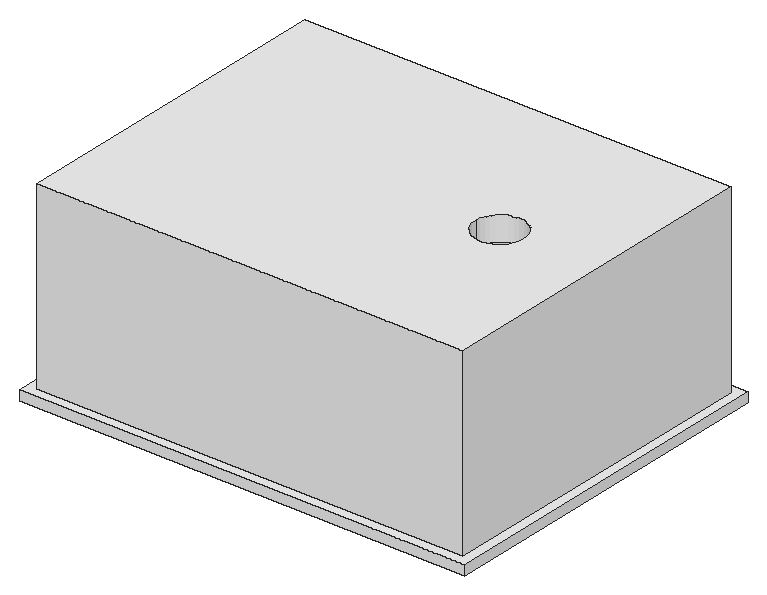
Revit family "LB0300010", category Plumbing Fixtures, Revit 2015
Parameters
  URL = "www.arboles.co.uk"
  Manufacturer = "ARBOLES UK LTD, 01204 388814"
  Description = "Ceramic Larch Sink 460mm x 365mm x 200mm White"
Reference planes
  plane 1 "Center (Front/Back)": y = 0
  plane 2: z = 0
  plane 3 "Center (Left/Right)": x = 0
Forms (mm)
  Extrusion 1, solid
    sketch origin (0, 0, 0) x (1, 0, 0) y (0, 1, 0)
      loop
        line (0, 0) -> (460, 0) -> (460, 365) -> (0, 365) -> (0, 0)
    from 0 to 200
  Extrusion 2, void
    sketch origin (0, 0, 0) x (1, 0, 0) y (0, 1, 0)
      loop
        line (420, 325) -> (40, 325) -> (40, 40) -> (420, 40) -> (420, 325)
    from 0 to 175
  Extrusion 3, void
    sketch origin (0, 0, 0) x (1, 0, 0) y (0, 1, 0)
      loop
        circle (348.534, 183.889) r 25
    from 0 to 250
  Extrusion 4, void
    sketch origin (0, 0, 200) x (0, 1, 0) y (1, 0, 0)
      loop
        line (10, 450) -> (-70, 450) -> (-70, -65) -> (435, -65) -> (435, 450) -> (355, 450) -> (355, 10) -> (10, 10) -> (10, 450)
    from 0 to 190
  Extrusion 5, void
    sketch origin (0, 0, 200) x (0, 1, 0) y (1, 0, 0)
      loop
        line (-25, 450) -> (405, 450) -> (405, 500) -> (-25, 500) -> (-25, 450)
    from 0 to 190
Cuts and joins
  Extrusion 2, Extrusion 3, Extrusion 4, Extrusion 5 cuts Extrusion 1
Lines and regions (mm)
  reference lines
    curve 1: line (0, 365, 0) -> (0, 325, 0)
    curve 2: line (420, 325, 0) -> (420, 250, 0)
    curve 3: line (10, 355, 200) -> (450, 355, 200)
    curve 4: line (450, 355, 200) -> (450, 10, 200)
Dimensions and locks
  aligned and locked: level to plane 2
